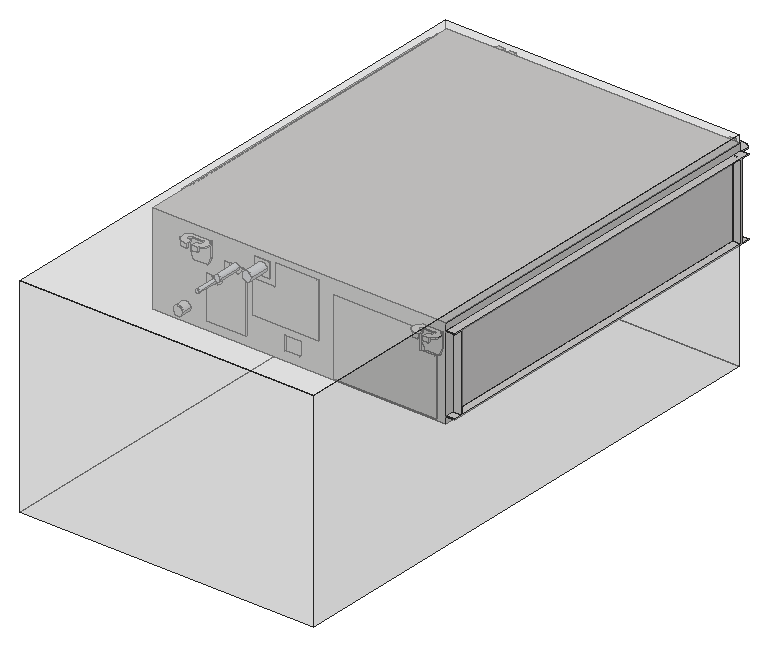
Revit family "outputfile", category 機械設備, Revit 2024
Family settings
  丸型コネクタ寸法 = 半径を使用
  パーツ タイプ = 標準
  OmniClass 番号 = 23.75.10.24.21.27.27
  OmniClass タイトル = Split System Air Conditioning Units
  作業面ベース = いいえ
  常に垂直 = はい
  ロード時にボイドで切り取り = いいえ
  注釈の向きを維持 = いいえ
  共有 = いいえ
  部屋計算ポイント = はい
Parameters (values of type "FXSQ80PAVE8")
  Description = ""
  製造元 = "Daikin"
  書き出し IFC クラス(タイプ) = "IfcUnitaryEquipmentType"
  定義済み IFC タイプ(タイプ) = "AIRCONDITIONINGUNIT"
  Cost = 0
  モデル = "FXSQ80PAVE8"
  Type Comments = ""
  Keynote = ""
  Type Image = (empty or 0)
  Assembly Code = ""
  r_Liquid Pipe Size = Liquid Pipe Size / 2  # 4.75 mm
  r_Gas Pipe Size = Gas Pipe Size / 2  # 7.95 mm
  r_Drain Pipe Size = Drain Pipe Size / 2  # 12.5 mm
  lw_power = 770.0 mm  # constant formula
  lh_SA = 138.0 mm  # constant formula
  lw_SA = if(Depth = 550.0 mm, 225.0 mm, if(Depth = 700.0 mm, 300.0 mm, if(Depth = 1000.0 mm, 450.0 mm, if(Depth = 1400.0 mm, 650.0 mm, 725.0 mm))))  # 450.0 mm
  lw_RA = if(Depth = 550.0 mm, 275.0 mm, if(Depth = 700.0 mm, 349.0 mm, if(Depth = 1000.0 mm, 499.0 mm, if(Depth = 1400.0 mm, 699.0 mm, 775.0 mm))))  # 499.0 mm
  lh_power = 60.0 mm + [h***]  # 60.0 mm
  lh_mountinghole1 = lh_mountinghole + [h***]  # 222.0 mm
  lh_RA = 123.0 mm  # constant formula
  ld_power = Depth / 2  # 500.0 mm
  Voltage_comment_60Hz = "220"
  Voltage_comment_50Hz = "220-240"
  Voltage_60Hz = 220 V
  Voltage_50Hz = 220 V
  URL = ""
  Supply Air Direction [instance] = yes
  Sound Power Level_H speed (dB) = 65.5
  Phase_60Hz = 1
  Phase_50Hz = 1
  Minimum External Static Pressure = 50.00 Pa
  Minimum Circuit Amps_60Hz = 1.8 A
  Minimum Circuit Amps_50Hz = 1.8 A
  Maximum Fuse Amps_60Hz = 16.0 A
  Maximum Fuse Amps_50Hz = 16.0 A
  Maximum External Static Pressure = 150.00 Pa
  Material_Casing = DAIKIN_GalvanizedSteel_Casing_indoorunit
  lw_mountinghole = 630.0 mm  # constant formula
  lh_gaspipe = 183.0 mm + [h***]  # 183.0 mm
  lh_mountinghole = 222.0 mm  # constant formula
  lh_liquidpipe = 136.0 mm + [h***]  # 136.0 mm
  lh_drainpipe = 207.0 mm + [h***]  # 207.0 mm
  lh_antena = Height - lh_mountinghole + 1.0 mm  # 24.0 mm
  ld_drainpipe = Depth / 2 + 53.0 mm  # 553.0 mm
  ld_liquidpipe = Depth / 2 + 69.0 mm  # 569.0 mm
  ld_gaspipe = Depth / 2 + 65.0 mm  # 565.0 mm
  ld_mountinghole = Depth + 38.0 mm  # 1038.0 mm
  h*** = 0.0 mm  # constant formula
  lw_liquidpipe = 179.0 mm  # constant formula
  lw_gaspipe = 229.0 mm  # constant formula
  lw_drainpipe = 300.0 mm  # constant formula
  Width = 800.0 mm
  Version = "ver.1.0"
  Unit Type = "Middle Static Pressure Duct Type"
  Unit Mass Weight = 37.00 kg
  Unit Designation [instance] = ""
  Uniclass2015Version = "Products v1.30"
  Uniclass2015Title = "Variable refrigerant flow units"
  Uniclass2015Code = "Pr_70_65_03_94"
  Total Heating Capacity [instance] = 0.000 kW
  Total Cooling Capacity [instance] = 0.000 kW
  Sound Pressure Level_M speed (dBA) = 0
  Sound Pressure Level_L speed (dBA) = 30
  Sound Pressure Level_H speed (dBA) = 37.5
  Series = "VRV Fan Coil Unit"
  Sensible Cooling Capacity [instance] = 0.000 kW
  SA Duct Size Width = if(Depth = 550.0 mm, 337.0 mm, if(Depth = 700.0 mm, 492.0 mm, if(Depth = 1000.0 mm, 792.0 mm, if(Depth = 1400.0 mm, 1192.0 mm, 1337.0 mm))))  # 792.0 mm
  SA Duct Size Height = 176.0 mm
  Refrigerant Type = "R410A"
  RA Duct Size Width = if(Depth = 550.0 mm, 502.0 mm, if(Depth = 700.0 mm, 654.0 mm, if(Depth = 1000.0 mm, 952.0 mm, if(Depth = 1400.0 mm, 1352.0 mm, 1502.0 mm))))  # 952.0 mm
  RA Duct Size Height = 208.0 mm
  Power Input (Heating) = 0.225 kW
  Power Input (Cooling) = 0.230 kW
  Option Accessory 3 [instance] = ""
  Option Accessory 2 [instance] = ""
  Option Accessory 1 [instance] = ""
  Nominal Heating Capacity = 10.000 kW
  Nominal Cooling Capacity = 9.000 kW
  Minimum Airflow = 960.00 m³/h
  Median Airflow = 1170.00 m³/h
  Maximum Airflow = 1380.00 m³/h
  Load Classification = HVAC
  Liquid Pipe Size = 9.5 mm
  Link_Nested Family [instance] = ""
  IfcVersion = "0"
  IfcExportType = "AIRCONDITIONINGUNIT"
  IfcExportAs = "IfcUnitaryEquipmentType"
  Height = 245.0 mm
  Heating Entering Wet Bulb Temperature [instance] = 0.00 °C
  Heating Entering Dry Bulb Temperature [instance] = 0.00 °C
  Heating Ambient Wet Bulb Temperature [instance] = 0.00 °C
  Heating Ambient Dry Bulb Temperature [instance] = 0.00 °C
  Heat Exchanger Type = "Cross Fin Coil"
  Gas Pipe Size = 15.9 mm
  Frequency_60Hz = 60 Hz
  Frequency_50Hz = 50 Hz
  Fan Type = "Sirocco Fan"
  Fan Drive = "Direct Drive"
  FCU Tag No. [instance] = ""
  Drain Pipe Size = 25.0 mm
  Design Supply Airflow [instance] = 0.00 m³/h
  Design Return Airflow [instance] = 0.00 m³/h
  Design External Static Pressure [instance] = 0.00 Pa
  Depth = 1000.0 mm
  既定の高さ = 0.0 mm
  Cooling Entering Wet Bulb Temperature [instance] = 0.00 °C
  Cooling Entering Dry Bulb Temperature [instance] = 0.00 °C
  Cooling Ambient Wet Bulb Temperature [instance] = 0.00 °C
  Cooling Ambient Dry Bulb Temperature [instance] = 0.00 °C
  Clearance visibility [instance] = yes
  Clearance Top = 20.0 mm
  Clearance Right = 0.0 mm
  Clearance Rear = 0.0 mm
  Clearance Left = 0.0 mm
  Clearance Front = 450.0 mm
  Clearance Bottom = 300.0 mm
Reference planes
  plane 1 "Center (Front/Back)": y = 0
  plane 2 "h": z = 0
  plane 3 "Center (Left/Right)": x = 0
  plane 4 "Back": y = 500
  plane 5 "Front": y = -500
  plane 6 "Left": x = -400
  plane 7 "Reight": x = 400
  plane 8 "Top": z = 0
  plane 9 "Bottom": z = -245
  plane 10: y = -215
  plane 11: y = 500
  plane 12: y = -950
  plane 13: x = -400
  plane 14: x = 400
  plane 15: z = 20
  plane 16: z = -545
  plane 17: x = -400
  plane 18: x = -399
  plane 19: x = 399
  plane 20: y = 50
  plane 21: y = -1
  plane 22: z = -122
  plane 23: y = -501
  plane 24: z = -109
  plane 25: x = -221
  plane 26: y = -565
  plane 27: z = -62
  plane 28: x = -171
  plane 29: y = -553
  plane 30: z = -38
  plane 31: x = -100
  plane 32: x = -100
  plane 33: x = -221
  plane 34: x = -171
  plane 35: x = 370
  plane 36: x = -266
  plane 37: x = 364
  plane 38: y = -519
  plane 39: y = 519
  plane 40: z = -23
  plane 41: z = -107
  plane 42: y = -570
  plane 43: z = -207
  plane 44: x = -309
  plane 45: y = -526
  plane 46: x = -251
  plane 47: x = -203
  plane 48: x = -144
  plane 49: z = -59
  plane 50: z = -106
  plane 51: z = -221
  plane 52: z = -109
  plane 53: x = -221
  plane 54: z = -62
  plane 55: x = -171
  plane 56: z = -17
  plane 57: z = -59
  plane 58: x = -121
  plane 59: x = -79
  plane 60: x = -125
  plane 61: x = -64
  plane 62: x = 53
  plane 63: z = -164
  plane 64: z = -73
  plane 65: z = -16
  plane 66: x = 93.5
  plane 67: x = 374.5
  plane 68: x = 330
  plane 69: z = -88.5
  plane 70: z = -38
  plane 71: z = -242.5
  plane 72: x = -38.5
  plane 73: x = 6.5
  plane 74: z = -181
  plane 75: z = -221
  plane 76: y = -499
  plane 77: x = -424
  plane 78: x = 424
Forms (mm)
  Extrusion 1, solid, material "DAIKIN_GalvanizedSteel_Casing_indoorunit" <- "Material_Casing"
    sketch origin (0, 0, 0) x (1, 0, 0) y (0, 1, 0)
      loop
        line (-399, 500) -> (-399, -500) -> (399, -500) -> (399, 500) -> (-399, 500)
    from -245 to 0
  Extrusion 2, solid, material "DAIKIN_GalvanizedSteel_Casing_indoorunit" <- "Material_Casing"
    sketch origin (0, 0, 0) x (1, 0, 0) y (0, 0, 1)
      loop
        line (-251, -221) -> (-144, -221) -> (-144, -59) -> (-154.47, -59)
        arc (-154.47, -59) -> (-171, -78.8) -> (-187.53, -59) r 16.8
        line (-187.53, -59) -> (-203, -59) -> (-203, -106) -> (-206.916, -106)
        arc (-206.916, -106) -> (-221, -123.4) -> (-235.084, -106) r 14.4
        line (-235.084, -106) -> (-251, -106) -> (-251, -221)
    from 500 to 501
  Extrusion 3, solid, material "DAIKIN_GalvanizedSteel_Casing_indoorunit" <- "Material_Casing"
    sketch origin (0, 0, 0) x (1, 0, 0) y (0, 0, 1)
      loop
        line (-121, -17) -> (-121, -59) -> (-79, -59) -> (-79, -17) -> (-121, -17)
      loop
        line (-125, -73) -> (-125, -164) -> (53, -164) -> (53, -16) -> (-64, -16) -> (-64, -73) -> (-125, -73)
    from 500 to 501
  Extrusion 4, solid, material "DAIKIN_GalvanizedSteel_Casing_indoorunit" <- "Material_Casing"
    sketch origin (0, 0, 0) x (1, 0, 0) y (0, 0, 1)
      loop
        line (93.5, -38) -> (93.5, -242.5) -> (374.5, -242.5) -> (374.5, -88.5) -> (330, -88.5) -> (330, -38) -> (93.5, -38)
    from 500 to 501
  Extrusion 5, solid
    sketch origin (0, 0, 0) x (1, 0, 0) y (0, 0, 1)
      loop
        circle (-221, -109) r 4.75
    from 500 to 570
  Extrusion 6, solid
    sketch origin (0, 0, 0) x (1, 0, 0) y (0, 0, 1)
      loop
        circle (-171, -62) r 7.95
    from 500 to 565
  Extrusion 7, solid
    sketch origin (0, 0, 0) x (1, 0, 0) y (0, 0, 1)
      loop
        circle (-100, -38) r 12.5
    from 501 to 553
  Extrusion 8, solid, material "DAIKIN_GalvanizedSteel_Casing_indoorunit" <- "Material_Casing"
    sketch origin (0, 0, 0) x (1, 0, 0) y (0, 0, 1)
      loop
        circle (-309, -207) r 13
    from 500 to 526
  Extrusion 9, void
    sketch origin (0, 0, 0) x (1, 0, 0) y (0, 0, 1)
      loop
        line (-38.5, -181) -> (-38.5, -221) -> (6.5, -221) -> (6.5, -181) -> (-38.5, -181)
    from 499 to 500
Cuts and joins
  Extrusion 9 cuts Extrusion 1
Dimensions and locks
  "Height": plane 8 "Top" to plane 9 "Bottom"
  equal spacing: plane 4 "Back", plane 1 "Center (Front/Back)", plane 5 "Front"
  "Depth": plane 4 "Back" to plane 5 "Front"
  equal spacing: plane 6 "Left", plane 3 "Center (Left/Right)", plane 7 "Reight"
  "Width": plane 6 "Left" to plane 7 "Reight"
  "Clearance Left": plane 13 to plane 6 "Left"
  "Clearance Right": plane 7 "Reight" to plane 14
  "Clearance Rear": plane 11 to plane 4 "Back"
  "Clearance Front": plane 5 "Front" to plane 12
  "Clearance Top": plane 15 to plane 8 "Top"
  "Clearance Bottom": plane 9 "Bottom" to plane 16
  locked: plane 17 to plane 18 at 1
  locked: plane 19 to plane 14 at 1
  "lw_SA": plane 11 to plane 20
  "lw_RA": plane 21 to plane 5 "Front"
  "lh_RA": plane 22 to plane 9 "Bottom"
  locked: plane 5 "Front" to plane 23 at 1
  "lw_liquidpipe": plane 25 to plane 6 "Left"
  "lh_liquidpipe": plane 24 to plane 9 "Bottom"
  "lh_gaspipe": plane 27 to plane 9 "Bottom"
  "lw_gaspipe": plane 28 to plane 6 "Left"
  "ld_gaspipe": plane 26 to plane 1 "Center (Front/Back)"
  "ld_drainpipe": plane 29 to plane 1 "Center (Front/Back)"
  "lh_drainpipe": plane 30 to plane 9 "Bottom"
  "lw_drainpipe": plane 31 to plane 6 "Left"
  "lw_drainpipe": plane 6 "Left" to plane 32
  "lw_liquidpipe": plane 6 "Left" to plane 33
  "lw_gaspipe": plane 6 "Left" to plane 34
  "lw_power": plane 6 "Left" to plane 35
  locked: plane 17 to plane 36 at 134
  "lw_mountinghole": plane 36 to plane 37
  equal spacing: plane 38, plane 1 "Center (Front/Back)", plane 39
  "ld_mountinghole": plane 39 to plane 38
  "lh_mountinghole": plane 40 to plane 9 "Bottom"
  "lh_SA": plane 41 to plane 9 "Bottom"
  "ld_liquidpipe": plane 21 to plane 42
  locked: plane 44 to plane 6 "Left" at 91
  locked: plane 43 to plane 9 "Bottom" at 38
  locked: plane 5 "Front" to plane 45 at 26
  plane 48 to plane 47 to plane 46 to plane 6 "Left" = 59.0 mm, 48.0 mm, 149.0 mm
  plane 8 "Top" to plane 49 to plane 50 to plane 51 = 59.0 mm locked, 47.0 mm locked, 115.0 mm locked
  plane 55 to plane 53 to plane 6 "Left" = 50.0 mm locked, 179.0 mm locked
  plane 54 to plane 52 to plane 9 "Bottom" = 47.0 mm locked, 136.0 mm locked
  plane 59 to plane 58 to plane 6 "Left" = 42.0 mm locked, 279.0 mm locked
  plane 8 "Top" to plane 56 to plane 57 = 17.0 mm locked, 42.0 mm locked
  plane 62 to plane 61 to plane 60 to plane 6 "Left" = 117.0 mm, 61.0 mm, 275.0 mm
  plane 8 "Top" to plane 65 to plane 64 = 16.0 mm locked, 57.0 mm locked
  locked: plane 65 to plane 63 at 148
  plane 8 "Top" to plane 70 to plane 69 to plane 71 = 38.0 mm locked, 50.5 mm locked, 154.0 mm locked
  plane 67 to plane 68 to plane 66 to plane 6 "Left" = 44.5 mm locked, 236.5 mm locked, 493.5 mm locked
  plane 8 "Top" to plane 74 to plane 75 = 181.0 mm locked, 40.0 mm locked
  plane 73 to plane 72 to plane 6 "Left" = 45.0 mm, 361.5 mm
  locked: plane 76 to plane 5 "Front" at 1
  locked: plane 77 to plane 17 at 24
  locked: plane 14 to plane 78 at 24
  "r_Liquid Pipe Size": radius of Extrusion 5 sketch curve
  "r_Gas Pipe Size": radius of Extrusion 6 sketch curve
  "r_Drain Pipe Size": radius of Extrusion 7 sketch curve
  aligned and locked: level to plane 2 "h"
  aligned and locked: plane 8 "Top" to Extrusion 1
  aligned and locked: Extrusion 1 to plane 9 "Bottom"
  aligned and locked: nested 5 to plane 12
  aligned and locked: plane 13 to nested 5
  aligned and locked: plane 14 to nested 5
  aligned and locked: nested 5 to plane 13
  aligned and locked: plane 11 to nested 5
  aligned and locked: plane 15 to nested 5
  aligned and locked: plane 16 to nested 5
  aligned and locked: plane 5 "Front" to Extrusion 1 sketch curve
  aligned and locked: Extrusion 1 to plane 18
  aligned and locked: plane 19 to Extrusion 1
  aligned and locked: nested 7 to plane 18
  aligned and locked: nested 7 to plane 20
  aligned and locked: plane 19 to nested 8
  aligned and locked: plane 21 to nested 8
  aligned and locked: plane 22 to nested 8
  aligned and locked: Extrusion 2 to plane 23
  aligned and locked: plane 5 "Front" to Extrusion 2
  aligned and locked: Extrusion 3 to plane 23
  aligned and locked: plane 5 "Front" to Extrusion 3
  aligned and locked: plane 5 "Front" to Extrusion 4
  aligned and locked: Extrusion 5 sketch curve to plane 25
  aligned and locked: plane 24 to Extrusion 5 sketch curve
  aligned and locked: plane 5 "Front" to Extrusion 5
  aligned and locked: Extrusion 6 sketch curve to plane 28
  aligned and locked: plane 27 to Extrusion 6 sketch curve
  aligned and locked: plane 5 "Front" to Extrusion 6
  aligned and locked: Extrusion 7 sketch curve to plane 31
  aligned and locked: Extrusion 7 sketch curve to plane 30
  aligned and locked: Extrusion 7 to plane 29
  aligned and locked: plane 23 to Extrusion 7
  aligned and locked: nested 3 to plane 29
  aligned and locked: plane 32 to nested 3
  aligned and locked: nested 2 to plane 33
  aligned and locked: nested 1 to plane 34
  aligned and locked: Extrusion 6 to plane 26
  aligned and locked: nested 1 to plane 26
  aligned and locked: nested 6 to plane 5 "Front"
  aligned and locked: nested 6 to plane 35
  aligned and locked: plane 36 to nested 10
  aligned and locked: nested 10 to plane 5 "Front"
  aligned and locked: plane 37 to nested 9
  aligned and locked: nested 9 to plane 5 "Front"
  aligned and locked: nested 11 to plane 36
  aligned and locked: plane 4 "Back" to nested 11
  aligned and locked: nested 12 to plane 37
  aligned and locked: plane 4 "Back" to nested 12
  aligned and locked: plane 40 to nested 10
  aligned and locked: plane 40 to nested 11
  aligned and locked: plane 40 to nested 9
  aligned and locked: plane 40 to nested 12
  aligned and locked: plane 36 to nested 14
  aligned and locked: nested 14 to plane 39
  aligned and locked: plane 37 to nested 13
  aligned and locked: nested 13 to plane 39
  aligned and locked: plane 37 to nested 16
  aligned and locked: plane 38 to nested 16
  aligned and locked: plane 38 to nested 15
  aligned and locked: plane 36 to nested 15
  aligned and locked: plane 17 to plane 6 "Left"
  aligned and locked: plane 41 to nested 7
  aligned and locked: Extrusion 5 to plane 42
  aligned and locked: nested 2 to plane 42
  aligned and locked: Extrusion 8 sketch curve to plane 44
  aligned and locked: plane 43 to Extrusion 8 sketch curve
  aligned and locked: plane 5 "Front" to Extrusion 8
  aligned and locked: plane 45 to Extrusion 8
  aligned and locked: Extrusion 3 sketch curve to plane 56
  aligned and locked: Extrusion 3 sketch curve to plane 58
  aligned and locked: plane 57 to Extrusion 3 sketch curve
  aligned and locked: plane 59 to Extrusion 3 sketch curve
  aligned and locked: Extrusion 4 to plane 23
  aligned and locked: Extrusion 9 sketch curve to plane 74
  aligned and locked: plane 75 to Extrusion 9 sketch curve
  aligned and locked: plane 73 to Extrusion 9 sketch curve
  aligned and locked: plane 5 "Front" to Extrusion 9
  aligned and locked: plane 76 to Extrusion 9
  aligned and locked: nested 17 to plane 20
  aligned and locked: nested 17 to plane 77
  aligned and locked: plane 21 to nested 18
  aligned and locked: plane 78 to nested 18
  aligned and locked: plane 41 to nested 17
  aligned and locked: nested 18 to plane 22
  aligned and locked: nested 4 to plane 3 "Center (Left/Right)"
  aligned and locked: plane 1 "Center (Front/Back)" to nested 4
  aligned and locked: level to plane 8 "Top"
Automatic sketch dimensions
  plane 6 "Left" to Extrusion 1 sketch curve = 1.0 mm
  Extrusion 1 sketch curve to plane 7 "Reight" = 1.0 mm
  Extrusion 1 sketch curve to plane 4 "Back" = 0.0 mm
  Extrusion 2 sketch curve to plane 46 = 0.0 mm
  Extrusion 2 sketch curve to plane 33 = 0.0 mm
  Extrusion 2 sketch curve to plane 47 = 0.0 mm
  Extrusion 2 sketch curve to plane 34 = 0.0 mm
  Extrusion 2 sketch curve to plane 48 = 0.0 mm
  Extrusion 2 sketch curve to plane 51 = 0.0 mm
  Extrusion 2 sketch curve to plane 52 = 0.0 mm
  Extrusion 2 sketch curve to plane 50 = 0.0 mm  (x3)
  Extrusion 2 sketch curve to plane 54 = 0.0 mm
  Extrusion 2 sketch curve to plane 49 = 0.0 mm  (x3)
  plane 33 to Extrusion 2 sketch curve = 14.084 mm
  plane 34 to Extrusion 2 sketch curve = 16.53 mm
  Extrusion 3 sketch curve to plane 60 = 0.0 mm
  Extrusion 3 sketch curve to plane 61 = 0.0 mm
  Extrusion 3 sketch curve to plane 62 = 0.0 mm
  Extrusion 3 sketch curve to plane 63 = 0.0 mm
  Extrusion 3 sketch curve to plane 64 = 0.0 mm
  Extrusion 3 sketch curve to plane 65 = 0.0 mm
  Extrusion 4 sketch curve to plane 66 = 0.0 mm
  Extrusion 4 sketch curve to plane 68 = 0.0 mm
  Extrusion 4 sketch curve to plane 67 = 0.0 mm
  Extrusion 4 sketch curve to plane 71 = 0.0 mm
  Extrusion 4 sketch curve to plane 69 = 0.0 mm
  Extrusion 4 sketch curve to plane 70 = 0.0 mm
  Extrusion 9 sketch curve to plane 72 = 0.0 mm
  radius of Extrusion 8 sketch curve = 13.0 mm
Nested families
  nested 1: "daikin_connector_rotate2" at (-171, 0, -62), length <- "ld_gaspipe", built-in parameter 1001364 <- "lh_gaspipe", radius <- "r_Gas Pipe Size", type "daikin_connector_rotate2"
    with radius 7.95 mm, length 565.0 mm, angle_vertical 90.00°
  nested 2: "daikin_connector_rotate2" at (-221, -1, -109), length <- "ld_liquidpipe", built-in parameter 1001364 <- "lh_liquidpipe", radius <- "r_Liquid Pipe Size", type "daikin_connector_rotate2"
    with radius 4.75 mm, length 569.0 mm, angle_vertical 90.00°
  nested 3: "daikin_connector_rotate2" at (-100, 0, -38), length <- "ld_drainpipe", built-in parameter 1001364 <- "lh_drainpipe", radius <- "r_Drain Pipe Size", type "daikin_connector_rotate2"
    with radius 12.5 mm, length 553.0 mm, angle_vertical 90.00°
  nested 4: "daikin_△_symbolicline" at (0, 0, 245) x (0, -1, 0) z (0, 0, 1), built-in parameter 1001364 <- "Height", visible <- "Supply Air Direction", type "daikin_△_symbolicline"
    with length 200.0 mm
  nested 5: "daikin_clearancespace" at (0, -225, -262.381), visible <- "Clearance visibility", show <- "Clearance visibility", Link_Nested Family <- "Link_Nested Family", type "daikin_clearancespace"
    with width 800.0 mm, show yes, height 565.0 mm, depth 1450.0 mm, Link_Nested Family ""
  nested 6: "daikin_connector_rotate2" at (370, 0, -185), built-in parameter 1001364 <- "lh_power", length <- "ld_power", type "daikin_connector_rotate2"
    with radius 10.0 mm, length 500.0 mm, angle_vertical 90.00°
  nested 7: "daikin_ductflange_FXSQ-PAVE8_2" at (-399, 50, -107) x (0, -1, 0) z (0, 0, 1), type "daikin_ductflange_FXSQ-PAVE8_2"
    with width 792.0 mm, w 1000.0 mm
  nested 8: "daikin_ductflange_FXSQ-PAVE8_1" at (399, -1, -122) x (0, 1, 0) z (0, 0, 1), type "daikin_ductflange_FXSQ-PAVE8_1"
    with width 952.0 mm, w 1000.0 mm
  nested 9: "daikin_hangerfixture_FXSQ-PAVE8" at (364, -500, -23), type "daikin_hangerfixture_FXSQ-PAVE8"
  nested 10: "daikin_hangerfixture_FXSQ-PAVE8" at (-266, -500, -23), type "daikin_hangerfixture_FXSQ-PAVE8"
  nested 11: "daikin_hangerfixture_FXSQ-PAVE8" at (-266, 500, -23) x (-1, 0, 0) z (0, 0, 1), type "daikin_hangerfixture_FXSQ-PAVE8"
  nested 12: "daikin_hangerfixture_FXSQ-PAVE8" at (364, 500, -23) x (-1, 0, 0) z (0, 0, 1), type "daikin_hangerfixture_FXSQ-PAVE8"
  nested 13: "daikin_mountinghole" at (364, 519, -245), h_mountinghole <- "lh_mountinghole1", l_antenna <- "lh_antena", Link_Nested Family <- "Link_Nested Family", type "daikin_mountinghole"
    with show yes, l_antenna 24.0 mm, h_mountinghole 222.0 mm, Link_Nested Family ""
  nested 14: "daikin_mountinghole" at (-266, 519, -245), h_mountinghole <- "lh_mountinghole1", l_antenna <- "lh_antena", Link_Nested Family <- "Link_Nested Family", type "daikin_mountinghole"
    with show yes, l_antenna 24.0 mm, h_mountinghole 222.0 mm, Link_Nested Family ""
  nested 15: "daikin_mountinghole" at (-266, -519, -245), h_mountinghole <- "lh_mountinghole1", l_antenna <- "lh_antena", Link_Nested Family <- "Link_Nested Family", type "daikin_mountinghole"
    with show yes, l_antenna 24.0 mm, h_mountinghole 222.0 mm, Link_Nested Family ""
  nested 16: "daikin_mountinghole" at (364, -519, -245), h_mountinghole <- "lh_mountinghole1", l_antenna <- "lh_antena", Link_Nested Family <- "Link_Nested Family", type "daikin_mountinghole"
    with show yes, l_antenna 24.0 mm, h_mountinghole 222.0 mm, Link_Nested Family ""
  nested 17: "daikin_connector_rotate2" at (-400, 50, -107) x (0, -1, 0) z (0, 0, 1), type "daikin_connector_rotate2"
    with radius 10.0 mm, length 24.0 mm, angle_vertical 90.00°
  nested 18: "daikin_connector_rotate2" at (400, -1, -122) x (0, 1, 0) z (0, 0, 1), type "daikin_connector_rotate2"
    with radius 10.0 mm, length 24.0 mm, angle_vertical 90.00°
Connectors
  piping at (-100, -553, -38), diameter 25, driven by "r_Drain Pipe Size"
    settings: on nested 3, index 3, connector inside diameter 609.6 mm, connector length 0.0 mm, flow factor 0, pipe flow 0.00 m³/h, pressure drop 0.0 Pa, fitting loss kfactor 0, connector angle 0.00°, fixture units 0, engagement length 0.0 mm, angle of deflection 0.00°, flow configuration 1, flow direction 2, fitting loss method 4, system type 16, joint type 0, gender type 0, connector reference index -1, connector utility 0, adjustable connector no, is connector primary yes, connector description "Condensate Drain Piping"
  piping at (-171, -565, -62), diameter 15.9, driven by "r_Gas Pipe Size"
    settings: on nested 1, index 4, connector inside diameter 609.6 mm, connector length 0.0 mm, flow factor 0, pipe flow 0.00 m³/h, pressure drop 0.0 Pa, fitting loss kfactor 0, connector angle 0.00°, fixture units 0, engagement length 0.0 mm, angle of deflection 0.00°, flow configuration 1, flow direction 2, fitting loss method 0, system type 29, joint type 0, gender type 0, connector reference index -1, connector utility 0, adjustable connector no, is connector primary no, connector description "Refrigerant Gas Piping"
  piping at (-221, -570, -109), diameter 9.5, driven by "r_Liquid Pipe Size"
    settings: on nested 2, index 5, connector inside diameter 609.6 mm, connector length 0.0 mm, flow factor 0, pipe flow 0.00 m³/h, pressure drop 0.0 Pa, fitting loss kfactor 0, connector angle 0.00°, fixture units 0, engagement length 0.0 mm, angle of deflection 0.00°, flow configuration 1, flow direction 1, fitting loss method 0, system type 29, joint type 0, gender type 0, connector reference index -1, connector utility 0, adjustable connector no, is connector primary no, connector description "Refrigerant Liquid Piping"
  electrical at (370, -500, -185), driven by "Load Classification"
    settings: on nested 6, index 6, voltage 0 V, apparent load 0 VA, apparent load phase1 0 VA, apparent load phase2 0 VA, apparent load phase3 0 VA, power factor 1, load classification "HVAC", number of poles 1, system type 30, power factor state 1, is connector primary yes, connector utility no, sub classification motor no, connector description "Power Supply"
  hvac at (-424, 50, -107), driven by "SA Duct Size Height", driven by "SA Duct Size Width"
    settings: on nested 17, index 7, duct flow 0.00 m³/h, flow factor 0, pres drop 0.00 Pa, loss coef 0, conn angle 0.00°, conn width 792.0 mm, conn height 176.0 mm, conn diameter 609.6 mm, duct sys type 1, conn prof type 1, flow config 0, flow direction 2, loss method 4, conn ref index -1, conn util no, is conn primary yes, conn desc "SA Duct"
  hvac at (424, -1, -122), driven by "RA Duct Size Height", driven by "RA Duct Size Width"
    settings: on nested 18, index 8, duct flow 0.00 m³/h, flow factor 0, pres drop 0.00 Pa, loss coef 0, conn angle 0.00°, conn width 952.0 mm, conn height 208.0 mm, conn diameter 609.6 mm, duct sys type 2, conn prof type 1, flow config 0, flow direction 1, loss method 4, conn ref index -1, conn util no, is conn primary no, conn desc "RA Duct"
Definition of nested family "daikin_clearancespace"
  Parameters (values of type "daikin_clearancespace")
    width [instance] = 1823.963 mm
    show [instance] = yes
    material = none
    height [instance] = 1359.762 mm
    depth [instance] = 880.0 mm
    Default Elevation = 0.0 mm
    Link_Nested Family [instance] = ""
  Reference planes
    plane 1 "Center (Front/Back)": y = 0
    plane 2 "Center (Elevation)": z = -0.119
    plane 3 "Center (Left/Right)": x = 0
    plane 4: y = 440
    plane 5: y = -440
    plane 6 "Right": x = 911.982
    plane 7 "Left": x = -911.982
    plane 8 "Top": z = 679.762
    plane 9 "Bottom": z = -680
  Forms (mm)
    Extrusion 1, solid, material <- "material", visible <- "show"
      sketch origin (0, 0, 0) x (1, 0, 0) y (0, 1, 0)
        loop
          line (-911.982, 440) -> (-911.982, -440) -> (911.982, -440) -> (911.982, 440) -> (-911.982, 440)
      from -680 to 679.762
  Lines and regions (mm)
    symbolic lines, visible <- "show"
      curve 1: line (911.982, 440, 0) -> (-911.982, 440, 0)
      curve 2: line (-911.982, 440, 0) -> (-911.982, -440, 0)
      curve 3: line (-911.982, -440, 0) -> (911.982, -440, 0)
      curve 4: line (911.982, -440, 0) -> (911.982, 440, 0)
      curve 5: line (911.982, 0, 679.762) -> (-911.982, 0, 679.762)
      curve 6: line (911.982, 0, -680) -> (911.982, 0, 679.762)
      curve 7: line (-911.982, 0, -680) -> (911.982, 0, -680)
      curve 8: line (-911.982, 0, 679.762) -> (-911.982, 0, -680)
      curve 9: line (0, 440, 679.762) -> (0, -440, 679.762)
      curve 10: line (0, -440, 679.762) -> (0, -440, -680)
      curve 11: line (0, 440, -680) -> (0, 440, 679.762)
      curve 12: line (0, -440, -680) -> (0, 440, -680)
  Dimensions and locks
    "width": plane 7 "Left" to plane 6 "Right"
    "depth": plane 4 to plane 5
    "height": plane 8 "Top" to plane 9 "Bottom"
    equal spacing: plane 7 "Left", plane 3 "Center (Left/Right)", plane 6 "Right"
    equal spacing: plane 4, plane 1 "Center (Front/Back)", plane 5
    equal spacing: plane 8 "Top", plane 2 "Center (Elevation)", plane 9 "Bottom"
    aligned and locked: level to plane 2 "Center (Elevation)"
    aligned and locked: Extrusion 1 sketch curve to plane 4
    aligned and locked: plane 7 "Left" to Extrusion 1 sketch curve
    aligned and locked: Extrusion 1 sketch curve to plane 5
    aligned and locked: Extrusion 1 sketch curve to plane 6 "Right"
    aligned and locked: plane 8 "Top" to Extrusion 1
    aligned and locked: curve 1 to Extrusion 1
    aligned and locked: curve 2 to Extrusion 1
    aligned and locked: curve 3 to Extrusion 1
    aligned and locked: curve 4 to Extrusion 1
    aligned and locked: curve 5 to Extrusion 1
    aligned and locked: curve 6 to Extrusion 1
    aligned and locked: curve 7 to Extrusion 1
    aligned and locked: curve 8 to Extrusion 1
    aligned and locked: curve 9 to Extrusion 1
    aligned and locked: curve 10 to Extrusion 1
    aligned and locked: curve 11 to Extrusion 1
    aligned and locked: curve 12 to Extrusion 1
    aligned and locked: Extrusion 1 to plane 9 "Bottom"
Definition of nested family "daikin_ductflange_FXSQ-PAVE8_2"
  Parameters (values of type "daikin_ductflange_FXMQ-PAVE2")
    width = if(w = 550.0 mm, 337.0 mm, if(w = 700.0 mm, 492.0 mm, if(w = 1000.0 mm, 792.0 mm, if(w = 1400.0 mm, 1192.0 mm, 1337.0 mm))))  # 337.0 mm
    material = none
    height = 215.0 mm
    depth = 1.0 mm
    w = 550.0 mm
    Default Elevation = 0.0 mm
  Reference planes
    plane 1 "Center (Front/Back)": y = 0
    plane 2: z = 0
    plane 3 "Center (Left/Right)": x = 0
    plane 4: z = 88
    plane 5: z = -88
    plane 6: y = -25
    plane 7: z = 106
    plane 8: z = 89
    plane 9: y = -1
    plane 10: x = -192.5
    plane 11: x = 192.5
    plane 12: z = -106
    plane 13: z = -89
    plane 14: y = -1
    plane 15: x = 168.5
    plane 16: x = -168.5
    plane 17: x = 169.5
    plane 18: z = 87
    plane 19: z = -87
    plane 20: x = -169.5
    plane 21: z = 87
    plane 22: z = -87
    plane 23: y = -1
  Forms (mm)
    Extrusion 1, solid, material <- "material"
      sketch origin (0, 0, 0) x (0, 1, 0) y (0, 0, 1)
        loop
          line (-25, 88) -> (0, 88) -> (0, 106) -> (-1, 106) -> (-1, 89) -> (-25, 89) -> (-25, 88)
      from -192.5 to 192.5
    Extrusion 2, solid, material <- "material"
      sketch origin (0, 0, 0) x (0, 1, 0) y (0, 0, 1)
        loop
          line (-25, -88) -> (-25, -89) -> (-1, -89) -> (-1, -106) -> (0, -106) -> (0, -88) -> (-25, -88)
      from -192.5 to 192.5
    Extrusion 3, solid, material <- "material"
      sketch origin (0, 0, 0) x (1, 0, 0) y (0, 0, 1)
        loop
          line (168.5, 88) -> (168.5, -88) -> (192.5, -88) -> (192.5, -87) -> (169.5, -87) -> (169.5, 87) -> (192.5, 87) -> (192.5, 88) -> (168.5, 88)
      from 0 to 25
    Extrusion 4, solid, material <- "material"
      sketch origin (0, 0, 0) x (1, 0, 0) y (0, 0, 1)
        loop
          line (-192.5, 88) -> (-192.5, 87) -> (-169.5, 87) -> (-169.5, -87) -> (-192.5, -87) -> (-192.5, -88) -> (-168.5, -88) -> (-168.5, 88) -> (-192.5, 88)
      from 0 to 25
    Extrusion 5, solid, material <- "material"
      sketch origin (0, 0, 0) x (1, 0, 0) y (0, 0, 1)
        loop
          line (-192.5, 88) -> (-192.5, -88) -> (-168.5, -88) -> (-168.5, 88) -> (-192.5, 88)
        loop
          line (192.5, 88) -> (168.5, 88) -> (168.5, -88) -> (192.5, -88) -> (192.5, 88)
      from 0 to 1
  Cuts and joins
    joined: Extrusion 1, Extrusion 2, Extrusion 3, Extrusion 4, Extrusion 5
  Dimensions and locks
    plane 4 to level to plane 5 = 88.0 mm, 88.0 mm
    locked: plane 6 to plane 1 "Center (Front/Back)" at 25
    locked: plane 9 to plane 1 "Center (Front/Back)" at 1
    locked: plane 8 to plane 4 at 1
    locked: plane 16 to plane 10 at 24
    locked: plane 17 to plane 15 at 1
    locked: plane 4 to plane 18 at 1
    locked: plane 19 to plane 5 at 1
    "width": plane 15 to plane 16
    plane 4 to plane 5 = 176.0 mm
    locked: plane 16 to plane 20 at 1
    locked: plane 4 to plane 21 at 1
    locked: plane 22 to plane 5 at 1
    locked: plane 23 to plane 1 "Center (Front/Back)" at 1
    plane 4 to level to plane 5 = 88.0 mm locked, 88.0 mm locked
    locked: plane 5 to plane 13 at 1
    locked: plane 5 to plane 12 at 18
    locked: plane 7 to plane 4 at 18
    equal spacing: plane 15, plane 3 "Center (Left/Right)", plane 16
    locked: plane 11 to plane 15 at 24
    plane 11 to plane 10 = 385.0 mm
    aligned and locked: level to plane 2
    aligned and locked: Extrusion 1 to plane 10
    aligned and locked: plane 11 to Extrusion 1
    aligned and locked: plane 5 to Extrusion 2
    aligned and locked: Extrusion 2 to plane 1 "Center (Front/Back)"
    aligned and locked: plane 15 to Extrusion 3 sketch curve
    aligned and locked: Extrusion 3 sketch curve to Extrusion 2  (x2)
    aligned and locked: Extrusion 3 sketch curve to plane 11
    aligned and locked: plane 6 to Extrusion 3
    aligned and locked: Extrusion 2 to plane 10
    aligned and locked: plane 11 to Extrusion 2
    aligned and locked: Extrusion 4 sketch curve to Extrusion 1  (x2)
    aligned and locked: plane 5 to Extrusion 4 sketch curve
    aligned and locked: Extrusion 4 sketch curve to plane 16
    aligned and locked: Extrusion 4 sketch curve to plane 22
    aligned and locked: plane 20 to Extrusion 4 sketch curve
    aligned and locked: plane 21 to Extrusion 4 sketch curve
    aligned and locked: Extrusion 4 to plane 1 "Center (Front/Back)"
    aligned and locked: plane 6 to Extrusion 4
    aligned and locked: Extrusion 5 sketch curve to Extrusion 1  (x4)
    aligned and locked: Extrusion 5 sketch curve to Extrusion 4  (x2)
    aligned and locked: Extrusion 5 sketch curve to Extrusion 3  (x2)
    aligned and locked: Extrusion 5 to plane 1 "Center (Front/Back)"
    aligned and locked: plane 23 to Extrusion 5
  Automatic sketch dimensions
    Extrusion 1 sketch curve to plane 6 = 0.0 mm
    Extrusion 1 sketch curve to plane 7 = 0.0 mm
    Extrusion 1 sketch curve to plane 9 = 0.0 mm
    Extrusion 1 sketch curve to plane 1 "Center (Front/Back)" = 0.0 mm
    Extrusion 1 sketch curve to plane 4 = 0.0 mm
    Extrusion 1 sketch curve to plane 8 = 0.0 mm
    Extrusion 2 sketch curve to plane 6 = 0.0 mm
    plane 12 to Extrusion 2 sketch curve = 0.0 mm
    Extrusion 2 sketch curve to plane 14 = 0.0 mm
    Extrusion 2 sketch curve to plane 1 "Center (Front/Back)" = 0.0 mm
    plane 13 to Extrusion 2 sketch curve = 0.0 mm
    Extrusion 2 sketch curve to plane 5 = 0.0 mm
    Extrusion 3 sketch curve to plane 17 = 0.0 mm
    Extrusion 3 sketch curve to plane 19 = 0.0 mm
    Extrusion 3 sketch curve to plane 18 = 0.0 mm
    Extrusion 3 sketch curve to plane 4 = 0.0 mm
    Extrusion 4 sketch curve to plane 10 = 0.0 mm
Definition of nested family "daikin_ductflange_FXSQ-PAVE8_1"
  Parameters (values of type "daikin_ductflange_FXMQ-PAVE")
    width = if(w = 550.0 mm, 502.0 mm, if(w = 700.0 mm, 654.0 mm, if(w = 1000.0 mm, 952.0 mm, if(w = 1400.0 mm, 1352.0 mm, 1502.0 mm))))  # 502.0 mm
    material = none
    height = 208.0 mm
    depth = 1.0 mm
    w = 550.0 mm
    Default Elevation = 0.0 mm
  Reference planes
    plane 1 "Center (Front/Back)": y = 0
    plane 2: z = 0
    plane 3 "Center (Left/Right)": x = 0
    plane 4: z = 104
    plane 5: z = -104
    plane 6: y = -25
    plane 7: z = 121
    plane 8: z = 105
    plane 9: y = -1
    plane 10: x = -275
    plane 11: x = 275
    plane 12: z = -122
    plane 13: z = -105
    plane 14: y = -1
    plane 15: x = 251
    plane 16: x = -251
    plane 17: x = 252
    plane 18: z = 103
    plane 19: z = -103
    plane 20: x = -252
    plane 21: z = 103
    plane 22: z = -103
    plane 23: y = -1
  Forms (mm)
    Extrusion 1, solid, material <- "material"
      sketch origin (0, 0, 0) x (0, 1, 0) y (0, 0, 1)
        loop
          line (-25, 104) -> (0, 104) -> (0, 121) -> (-1, 121) -> (-1, 105) -> (-25, 105) -> (-25, 104)
      from -275 to 275
    Extrusion 2, solid, material <- "material"
      sketch origin (0, 0, 0) x (0, 1, 0) y (0, 0, 1)
        loop
          line (-25, -104) -> (-25, -105) -> (-1, -105) -> (-1, -122) -> (0, -122) -> (0, -104) -> (-25, -104)
      from -275 to 275
    Extrusion 3, solid, material <- "material"
      sketch origin (0, 0, 0) x (1, 0, 0) y (0, 0, 1)
        loop
          line (251, 104) -> (251, -104) -> (275, -104) -> (275, -103) -> (252, -103) -> (252, 103) -> (275, 103) -> (275, 104) -> (251, 104)
      from 0 to 25
    Extrusion 4, solid, material <- "material"
      sketch origin (0, 0, 0) x (1, 0, 0) y (0, 0, 1)
        loop
          line (-275, 104) -> (-275, 103) -> (-252, 103) -> (-252, -103) -> (-275, -103) -> (-275, -104) -> (-251, -104) -> (-251, 104) -> (-275, 104)
      from 0 to 25
    Extrusion 5, solid, material <- "material"
      sketch origin (0, 0, 0) x (1, 0, 0) y (0, 0, 1)
        loop
          line (-275, 104) -> (-275, -104) -> (-251, -104) -> (-251, 104) -> (-275, 104)
        loop
          line (275, 104) -> (251, 104) -> (251, -104) -> (275, -104) -> (275, 104)
      from 0 to 1
  Cuts and joins
    joined: Extrusion 1, Extrusion 2, Extrusion 3, Extrusion 4, Extrusion 5
  Dimensions and locks
    plane 4 to level to plane 5 = 104.0 mm, 104.0 mm
    locked: plane 6 to plane 1 "Center (Front/Back)" at 25
    locked: plane 9 to plane 1 "Center (Front/Back)" at 1
    locked: plane 8 to plane 4 at 1
    locked: plane 11 to plane 15 at 24
    locked: plane 16 to plane 10 at 24
    locked: plane 17 to plane 15 at 1
    locked: plane 4 to plane 18 at 1
    locked: plane 19 to plane 5 at 1
    "width": plane 15 to plane 16
    equal spacing: plane 15, plane 3 "Center (Left/Right)", plane 16
    locked: plane 16 to plane 20 at 1
    locked: plane 4 to plane 21 at 1
    locked: plane 22 to plane 5 at 1
    locked: plane 23 to plane 1 "Center (Front/Back)" at 1
    locked: plane 7 to plane 4 at 17
    locked: plane 1 "Center (Front/Back)" to plane 14 at 1
    locked: plane 5 to plane 13 at 1
    "height": plane 4 to plane 5
    plane 11 to plane 10 = 550.0 mm
    locked: plane 12 to plane 13 at 17
    equal spacing: plane 4, level, plane 5
    aligned and locked: level to plane 2
    aligned and locked: Extrusion 1 to plane 10
    aligned and locked: plane 11 to Extrusion 1
    aligned and locked: plane 5 to Extrusion 2
    aligned and locked: Extrusion 2 to plane 1 "Center (Front/Back)"
    aligned and locked: plane 15 to Extrusion 3 sketch curve
    aligned and locked: Extrusion 3 sketch curve to Extrusion 2  (x2)
    aligned and locked: Extrusion 3 sketch curve to plane 11
    aligned and locked: plane 6 to Extrusion 3
    aligned and locked: Extrusion 2 to plane 10
    aligned and locked: plane 11 to Extrusion 2
    aligned and locked: Extrusion 4 sketch curve to Extrusion 1  (x2)
    aligned and locked: plane 5 to Extrusion 4 sketch curve
    aligned and locked: Extrusion 4 sketch curve to plane 16
    aligned and locked: Extrusion 4 sketch curve to plane 22
    aligned and locked: plane 20 to Extrusion 4 sketch curve
    aligned and locked: plane 21 to Extrusion 4 sketch curve
    aligned and locked: Extrusion 4 to plane 1 "Center (Front/Back)"
    aligned and locked: plane 6 to Extrusion 4
    aligned and locked: Extrusion 5 sketch curve to Extrusion 1  (x4)
    aligned and locked: Extrusion 5 sketch curve to Extrusion 4  (x2)
    aligned and locked: Extrusion 5 sketch curve to Extrusion 3  (x2)
    aligned and locked: Extrusion 5 to plane 1 "Center (Front/Back)"
    aligned and locked: plane 23 to Extrusion 5
  Automatic sketch dimensions
    Extrusion 1 sketch curve to plane 6 = 0.0 mm
    Extrusion 1 sketch curve to plane 7 = 0.0 mm
    Extrusion 1 sketch curve to plane 9 = 0.0 mm
    Extrusion 1 sketch curve to plane 1 "Center (Front/Back)" = 0.0 mm
    Extrusion 1 sketch curve to plane 4 = 0.0 mm
    Extrusion 1 sketch curve to plane 8 = 0.0 mm
    Extrusion 2 sketch curve to plane 6 = 0.0 mm
    plane 12 to Extrusion 2 sketch curve = 0.0 mm
    Extrusion 2 sketch curve to plane 14 = 0.0 mm
    Extrusion 2 sketch curve to plane 1 "Center (Front/Back)" = 0.0 mm
    plane 13 to Extrusion 2 sketch curve = 0.0 mm
    Extrusion 2 sketch curve to plane 5 = 0.0 mm
    Extrusion 3 sketch curve to plane 17 = 0.0 mm
    Extrusion 3 sketch curve to plane 19 = 0.0 mm
    Extrusion 3 sketch curve to plane 18 = 0.0 mm
    Extrusion 3 sketch curve to plane 4 = 0.0 mm
    Extrusion 4 sketch curve to plane 10 = 0.0 mm
Definition of nested family "daikin_hangerfixture_FXSQ-PAVE8"
  Parameters (values of type "daikin_hangerfixture_FXMQ-PAVE")
    width = 72.0 mm
    material = none
    height = 60.0 mm
    depth = 41.0 mm
    Default Elevation = 0.0 mm
  Reference planes
    plane 1 "Center (Front/Back)": y = 0
    plane 2: z = 0
    plane 3 "Center (Left/Right)": x = 0
    plane 4: y = 417.146
    plane 5: y = -41
    plane 6: x = -36
    plane 7: x = 36
    plane 8: z = -2.3
    plane 9: z = -60
    plane 10: y = -2.3
    plane 11: z = -12
    plane 12: y = -38.7
  Forms (mm)
    Extrusion 1, solid, material <- "material"
      sketch origin (0, 0, 0) x (1, 0, 0) y (0, 1, 0)
        loop
          line (-28, 0) -> (-28, -5)
          arc (-28, -5) -> (-29.127, -8.162) -> (-32, -9.899) r 5
          arc (-32, -9.899) -> (-34.873, -11.636) -> (-36, -14.798) r 5
          line (-36, -14.798) -> (-36, -27.178)
          arc (-36, -27.178) -> (-35.429, -29.499) -> (-33.846, -31.289) r 5
          line (-33.846, -31.289) -> (-23, -38.798) -> (-23, -41.098) -> (-6.5, -41.098) -> (-6.5, -28.498)
          arc (-6.5, -28.498) -> (-7.379, -26.377) -> (-9.5, -25.498) r 3
          line (-9.5, -25.498) -> (-13.5, -25.498)
          arc (-13.5, -25.498) -> (-20, -18.998) -> (-13.5, -12.498) r 6.5
          line (-13.5, -12.498) -> (13.5, -12.498)
          arc (13.5, -12.498) -> (20, -18.998) -> (13.5, -25.498) r 6.5
          line (13.5, -25.498) -> (9.5, -25.498)
          arc (9.5, -25.498) -> (7.379, -26.377) -> (6.5, -28.498) r 3
          line (6.5, -28.498) -> (6.5, -41.098) -> (23, -41.098) -> (23, -38.798) -> (33.846, -31.289)
          arc (33.846, -31.289) -> (35.429, -29.499) -> (36, -27.178) r 5
          line (36, -27.178) -> (36, -14.596)
          arc (36, -14.596) -> (34.873, -11.434) -> (32, -9.697) r 5
          arc (32, -9.697) -> (29.127, -7.96) -> (28, -4.798) r 5
          line (28, -4.798) -> (28, 0) -> (-28, 0)
      from 0 to -2.3
    Extrusion 2, solid, material <- "material"
      sketch origin (0, 0, 0) x (1, 0, 0) y (0, 0, 1)
        loop
          line (28, -39.037) -> (28, 0) -> (-28, 0) -> (-28, -39.037)
          arc (-28, -39.037) -> (-27.91, -39.983) -> (-27.642, -40.894) r 5
          line (-27.642, -40.894) -> (-21.257, -56.857)
          arc (-21.257, -56.857) -> (-19.418, -59.14) -> (-16.615, -60) r 5
          line (-16.615, -60) -> (16.615, -60)
          arc (16.615, -60) -> (19.418, -59.14) -> (21.257, -56.857) r 5
          line (21.257, -56.857) -> (27.642, -40.894)
          arc (27.642, -40.894) -> (27.91, -39.983) -> (28, -39.037) r 5
      from 0 to 2.3
    Extrusion 3, solid, material <- "material"
      sketch origin (0, 0, 0) x (1, 0, 0) y (0, 0, 1)
        loop
          line (-23, 0) -> (-23, -9)
          arc (-23, -9) -> (-22.121, -11.121) -> (-20, -12) r 3
          line (-20, -12) -> (-9.5, -12)
          arc (-9.5, -12) -> (-7.379, -11.121) -> (-6.5, -9) r 3
          line (-6.5, -9) -> (-6.5, 0) -> (-23, 0)
        loop
          line (23, 0) -> (6.5, 0) -> (6.5, -9)
          arc (6.5, -9) -> (7.379, -11.121) -> (9.5, -12) r 3
          line (9.5, -12) -> (20, -12)
          arc (20, -12) -> (22.121, -11.121) -> (23, -9) r 3
          line (23, -9) -> (23, 0)
      from 38.8 to 41.098
  Cuts and joins
    joined: Extrusion 1, Extrusion 2, Extrusion 3
  Dimensions and locks
    plane 2 to plane 8 = 2.3 mm
    "height": plane 2 to plane 9
    locked: plane 10 to plane 1 "Center (Front/Back)" at 2.3
    locked: plane 2 to plane 11 at 12
    locked: plane 12 to plane 5 at 2.3
    aligned and locked: level to plane 2
    aligned and locked: Extrusion 1 to plane 8
    aligned and locked: plane 2 to Extrusion 1
    aligned and locked: plane 2 to Extrusion 2 sketch curve
    aligned and locked: Extrusion 2 to plane 10
    aligned and locked: Extrusion 2 to plane 1 "Center (Front/Back)"
    aligned and locked: Extrusion 3 sketch curve to cut or joined group of Extrusion 1, Extrusion 2, Extrusion 3  (x3)
    aligned and locked: cut or joined group of Extrusion 1, Extrusion 2, Extrusion 3 to Extrusion 3
  Automatic sketch dimensions
    Extrusion 2 sketch curve to plane 7 = 8.0 mm
    Extrusion 2 sketch curve to plane 8 = 36.737 mm
    plane 6 to Extrusion 2 sketch curve = 19.385 mm
    Extrusion 1 sketch curve to plane 6 = 0.0 mm
    plane 1 "Center (Front/Back)" to Extrusion 1 sketch curve = 0.0 mm
    Extrusion 1 sketch curve to plane 7 = 0.0 mm
    plane 6 to Extrusion 1 sketch curve = 2.154 mm
    plane 6 to Extrusion 1 sketch curve = 3.0 mm
    Extrusion 1 sketch curve to Extrusion 1 sketch curve = 5.0 mm  (x3)
    Extrusion 1 sketch curve to plane 12 = 0.098 mm  (x2)
    Extrusion 1 sketch curve to Extrusion 1 sketch curve = 4.0 mm  (x2)
    Extrusion 1 sketch curve to plane 5 = 0.098 mm  (x2)
    Extrusion 1 sketch curve to plane 3 "Center (Left/Right)" = 6.5 mm
    plane 3 "Center (Left/Right)" to Extrusion 1 sketch curve = 6.5 mm
    Extrusion 1 sketch curve to Extrusion 1 sketch curve = 3.0 mm
    Extrusion 1 sketch curve to plane 7 = 8.0 mm
    Extrusion 1 sketch curve to plane 7 = 5.0 mm
    Extrusion 1 sketch curve to plane 7 = 3.0 mm
    Extrusion 1 sketch curve to plane 7 = 2.154 mm
    plane 12 to Extrusion 1 sketch curve = 7.411 mm  (x2)
    plane 12 to Extrusion 1 sketch curve = 10.202 mm  (x2)
    Extrusion 1 sketch curve to Extrusion 1 sketch curve = 6.5 mm  (x2)
    Extrusion 1 sketch curve to Extrusion 1 sketch curve = 12.38 mm
    Extrusion 1 sketch curve to plane 10 = 12.296 mm
    Extrusion 1 sketch curve to plane 10 = 2.7 mm
    Extrusion 1 sketch curve to plane 10 = 2.498 mm
    plane 6 to Extrusion 1 sketch curve = 4.0 mm
    Extrusion 1 sketch curve to Extrusion 1 sketch curve = 0.0 mm  (x2)
    Extrusion 1 sketch curve to plane 7 = 4.0 mm
    Extrusion 1 sketch curve to Extrusion 1 sketch curve = 4.111 mm
    Extrusion 3 sketch curve to level = 0.0 mm  (x2)
    Extrusion 3 sketch curve to plane 11 = 0.0 mm  (x2)
    plane 11 to Extrusion 3 sketch curve = 3.0 mm  (x2)
    plane 3 "Center (Left/Right)" to Extrusion 3 sketch curve = 6.5 mm
    Extrusion 3 sketch curve to Extrusion 3 sketch curve = 3.0 mm  (x2)
    Extrusion 2 sketch curve to plane 9 = 0.0 mm
    Extrusion 2 sketch curve to Extrusion 2 sketch curve = 11.385 mm
    plane 6 to Extrusion 2 sketch curve = 8.0 mm
    plane 9 to Extrusion 2 sketch curve = 20.963 mm
    Extrusion 2 sketch curve to Extrusion 2 sketch curve = 5.0 mm  (x2)
    plane 9 to Extrusion 2 sketch curve = 3.143 mm  (x3)
    Extrusion 2 sketch curve to Extrusion 2 sketch curve = 4.642 mm  (x2)
    Extrusion 2 sketch curve to Extrusion 2 sketch curve = 0.0 mm  (x2)
    Extrusion 2 sketch curve to Extrusion 2 sketch curve = 0.358 mm
    Extrusion 2 sketch curve to Extrusion 2 sketch curve = 1.857 mm  (x2)
Definition of nested family "daikin_connector_rotate2"
  Parameters (values of type "daikin_connector_rotate2")
    Default Elevation = 1219.2 mm
    show_face = no
    radius [instance] = 10.0 mm
    length [instance] = 600.0 mm
    d_surface = 10.0 mm
    angle_vertical [instance] = 90.00°
  Reference planes
    plane 1 "Center (Front/Back)": y = 0
    plane 2: z = 0
    plane 3 "Center (Left/Right)": x = 0
  Forms (mm)
    Extrusion 1, solid, visible <- "show_face"
      sketch origin (0, -600, 0) x (1, 0, 0) y (0, 0, 1)
        loop
          circle (0, 0) r 10
      from 0 to -10
  Lines and regions (mm)
    reference lines
      curve 1: line (0, 0, 0) -> (0, -600, 0)
    symbolic lines
      curve 2: circle (0, 0, 0) r 5 normal (0, 0, 1)
    model lines, visible <- "show_face"
      curve 3: line (0, 0, 0) -> (0, -600, 0)
  Dimensions and locks
    "length": curve 1 to curve 1
    "length": curve 3 to curve 3
    "d_surface": Extrusion 1 to Extrusion 1
    "radius": radius of Extrusion 1 sketch curve
    "angle_vertical": angle curve 1 to plane 1 "Center (Front/Back)"
    "angle_vertical": angle curve 3 to plane 1 "Center (Front/Back)"
    aligned and locked: level to plane 2
    aligned and locked: plane 1 "Center (Front/Back)" to curve 1
    aligned and locked: plane 2 to curve 1
    aligned and locked: plane 1 "Center (Front/Back)" to curve 2
    aligned and locked: plane 3 "Center (Left/Right)" to curve 2
    aligned and locked: plane 1 "Center (Front/Back)" to curve 3
    aligned and locked: plane 2 to curve 3
    aligned and locked: Extrusion 1 to Extrusion 1
  Automatic sketch dimensions
    Extrusion 1 sketch curve to level = 0.0 mm
    Extrusion 1 sketch curve to plane 3 "Center (Left/Right)" = 0.0 mm
    radius of curve 2 = 5.0 mm
Definition of nested family "daikin_△_symbolicline"
  Parameters (values of type "daikin_△_symbolicline")
    length [instance] = 200.0 mm
    Default Elevation = 0.0 mm
  Reference planes
    plane 1 "Center (Front/Back)": y = 0
    plane 2: z = 0
    plane 3 "Center (Left/Right)": x = 0
  Lines and regions (mm)
    symbolic lines
      curve 1: line (0, -173.205, 0) -> (100, 0, 0)
      curve 2: line (100, 0, 0) -> (-100, 0, 0)
      curve 3: line (-100, 0, 0) -> (0, -173.205, 0)
  Dimensions and locks
    equal spacing: curve 3, plane 3 "Center (Left/Right)", curve 2
    "length": curve 3 to curve 2
    "length": curve 3 to curve 3
    "length": curve 1 to curve 1
    aligned and locked: level to plane 2
    aligned and locked: curve 2 to plane 1 "Center (Front/Back)"
    aligned and locked: plane 3 "Center (Left/Right)" to curve 3
Definition of nested family "daikin_mountinghole"
  Parameters (values of type "daikin_mountinghole")
    Default Elevation = 1219.2 mm
    Type Comments = "mountinghole"
    show [instance] = yes
    material = none
    l_centerline = 100.0 mm
    l_antenna [instance] = 100.0 mm
    h_mountinghole [instance] = 0.0 mm
    d_circle = 30.0 mm
    Link_Nested Family [instance] = ""
  Reference planes
    plane 1 "Center (Front/Back)": y = 0
    plane 2: z = 0
    plane 3 "Center (Left/Right)": x = 0
    plane 4: y = 50
    plane 5: x = -50
    plane 6: x = 50
    plane 7: y = -50
    plane 8 "h_mountinghole": z = 0
    plane 9: z = 100
  Lines and regions (mm)
    model lines, detail levels fine
      curve 1: circle (0, 0, 0) r 15 normal (0, 0, 1)
      curve 2: line (-50, 0, 0) -> (50, 0, 0)
      curve 3: line (0, 50, 0) -> (0, -50, 0)
    symbolic lines, detail levels fine
      curve 4: circle (0, 0, 0) r 15 normal (0, 0, 1)
      curve 5: line (-50, 0, 0) -> (50, 0, 0)
      curve 6: line (0, 50, 0) -> (0, -50, 0)
    model lines
      curve 7: line (0, 0, 100) -> (0, 0, 0)
  Dimensions and locks
    equal spacing: plane 4, plane 1 "Center (Front/Back)", plane 7
    "l_centerline": plane 4 to plane 7
    equal spacing: plane 5, plane 3 "Center (Left/Right)", plane 6
    "l_centerline": plane 5 to plane 6
    "l_antenna": plane 9 to plane 8 "h_mountinghole"
    "h_mountinghole": plane 8 "h_mountinghole" to plane 2
    "d_circle": diameter of curve 1
    "d_circle": diameter of curve 4
    aligned and locked: level to plane 2
    aligned and locked: plane 1 "Center (Front/Back)" to curve 1
    aligned and locked: plane 3 "Center (Left/Right)" to curve 1
    aligned and locked: plane 1 "Center (Front/Back)" to curve 2
    aligned and locked: curve 3 to plane 3 "Center (Left/Right)"
    aligned and locked: plane 6 to curve 2
    aligned and locked: plane 5 to curve 2
    aligned and locked: plane 4 to curve 3
    aligned and locked: plane 7 to curve 3
    aligned and locked: plane 1 "Center (Front/Back)" to curve 4
    aligned and locked: plane 3 "Center (Left/Right)" to curve 4
    aligned and locked: plane 6 to curve 5
    aligned and locked: plane 5 to curve 5
    aligned and locked: plane 1 "Center (Front/Back)" to curve 5
    aligned and locked: plane 4 to curve 6
    aligned and locked: plane 7 to curve 6
    aligned and locked: curve 6 to plane 3 "Center (Left/Right)"
    aligned and locked: curve 7 to plane 3 "Center (Left/Right)"
    aligned and locked: plane 9 to curve 7
    aligned and locked: plane 8 "h_mountinghole" to curve 7
